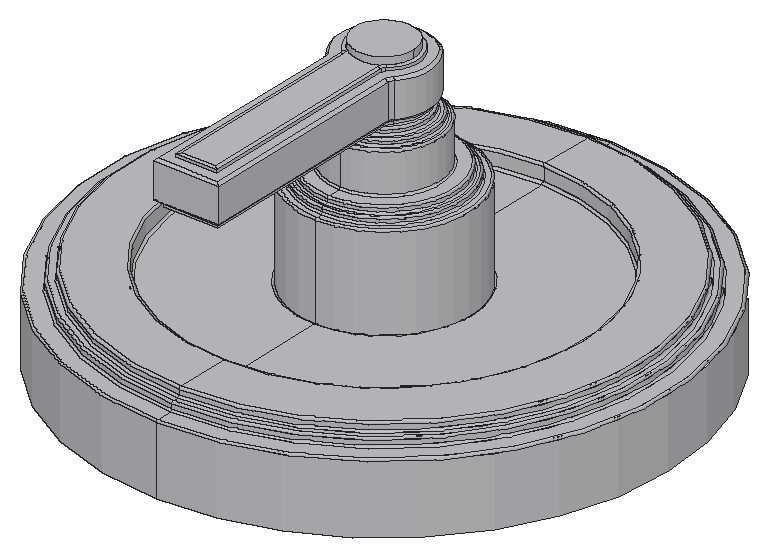
Revit family "Shower-Valve_Trim-KALLISTA-Vir_Stil-P80255_1", category Specialty Equipment, host Face, Revit 2021
Family settings
  Host = Face
  Round Connector Dimension = Use Diameter
  Part Type = Normal
  OmniClass Number = 23.31.25.00
  OmniClass Title = Toilet and Bath Specialties
  Cut with Voids When Loaded = No
  Shared = No
  Room Calculation Point = No
Parameters (values of type "CP-Chrome")
  Width = 6.62598"  # constant formula
  WaterSense Certified = 1 = 0  # no
  URL = "https://www.kallista.com/"
  Type = 1
  Product Page URL = ""
  Product Name = "Vir Stil"  # constant formula
  Product Documentation Link = ""
  Model = if(Type = 1, "P80255-LV-CP", if(Type = 2, "P80255-LV-SN", if(Type = 3, "P80255-LV-BAF", if(Type = 4, "P80255-LV-BN", "NA"))))  # "P80255-LV-CP"
  Material = "Premium Metal Construction"  # constant formula
  Master Format 2014 Name = "Toilet, Bath, and Laundry Accessories"  # constant formula
  Master Format 2014 = "10 28 00"  # constant formula
  Manufacturer Address = "444 Highland Dr. Kohler, WI 53044"  # constant formula
  Manufacturer = "Kallista Co."  # constant formula
  Length = 3.34646"  # constant formula
  Height = 6.62402"  # constant formula
  Handle Clearance = 2 7/8"  # constant formula
  Finish = Kallista-Metal-CP-Chrome
  Environmental Product Declaration = ""
  Description = "Vir Stil Minimal Thermostatic Trim, Lever Handle"  # constant formula
  Default Elevation = 42"
  Declare Label = ""
  Date Modified = "10/28/2023"  # constant formula
  Date Created = "10/28/2023"  # constant formula
  Copyright = "Copyright Kallista Co."  # constant formula
  Contact Us = "https://www.kallista.com/corporate/contact-us/"
  Assembly Code = "C1030200"
  ADA Compliant = 1 = 0  # no
Types (5): name | Type | Model | Finish
  (no name) | 1 | "P80255-LV-CP" | Kallista-Metal-CP-Chrome
  CP-Chrome | 1 | "P80255-LV-CP" | Kallista-Metal-CP-Chrome
  SN-Polished Nickel | 2 | "P80255-LV-SN" | Kallista-Metal-SN-Polished_Nickel
  BAF-Brushed French Gold | 3 | "P80255-LV-BAF" | Kallista-Metal-BAF-Brushed_French_Gold
  BN-Brushed Nickel | 4 | "P80255-LV-BN" | Kallista-Metal-BN-Brushed_Nickel
Reference planes (in)
  plane 1 "Center (Front/Back)": y = 0
  plane 2: z = 0
  plane 3 "Center (Left/Right)": x = 0
  plane 4: y = 3.31299
  plane 5: y = -3.31102
  plane 6: x = 3.31299
  plane 7: x = -3.31299
  plane 8: y = -2.875
  plane 9: y = -1
  plane 10: y = -0.61024
  plane 11: y = -0.5315
  plane 12: y = -0.34449
  plane 13: y = 0.34449
  plane 14: y = 0.5315
  plane 15: y = 0.61024
  plane 16: y = 1
  plane 17: x = -1
  plane 18: x = -0.61024
  plane 19: x = -0.5315
  plane 20: x = -0.37598
  plane 21: x = -0.34449
  plane 22: x = 0.37598
  plane 23: x = 0.5315
  plane 24: x = 0.61024
  plane 25: x = 1
  plane 26: x = 0.34449
  plane 27: x = 0.37598
  plane 28: z = 1.01969
  plane 29: z = 3.34646
  plane 30: z = 2.704
Dimensions and locks (in)
  plane 28 to level = 1.01969"  (x2)
  plane 29 to level = 3.34646"  (x2)
  "Handle Clearance": plane 1 "Center (Front/Back)" to plane 8
  plane 16 to plane 9 = 2"
  plane 15 to plane 10 = 1.22047"
  plane 17 to plane 25 = 2"
  plane 18 to plane 24 = 1.22047"
  plane 19 to plane 23 = 1.06299"
  plane 21 to plane 26 = 0.68898"
  plane 4 to plane 5 = 6.62402"
  "Width": plane 7 to plane 6
  plane 20 to plane 27 = 0.75197"
  "Height": plane 4 to plane 5
  "Length": level to plane 29
  aligned and locked: plane 2 to host face
  aligned and locked: level to host face
Automatic sketch dimensions
  host sketch curve to host sketch curve = 96"  (x2)
Nested families (in)
  nested 1: "P80255" at (0, 0, 0), type "P80255"
Definition of nested family "P80255"
  Parameters
    Material = none
    Default Elevation = 0"
  Reference planes (in)
    plane 1 "Center (Front/Back)": y = 0
    plane 2: z = 0
    plane 3 "Center (Left/Right)": x = 0
    plane 4: x = 3.31299
    plane 5: x = -3.31299
    plane 6: y = 3.31299
    plane 7: y = -3.31102
    plane 8: x = -0.37598
    plane 9: x = 0.37598
    plane 10: z = 1.01969
    plane 11: x = -1
    plane 12: x = 1
    plane 13: x = -0.61024
    plane 14: x = 0.61024
    plane 15: x = -0.5315
    plane 16: x = 0.5315
    plane 17: x = -0.34449
    plane 18: x = 0.34449
    plane 19: z = 3.34646
    plane 20: z = 2.704
    plane 21: z = 3.34748
    plane 22: y = -2.87402
    plane 23: y = 1
    plane 24: y = -1
    plane 25: y = -0.61024
    plane 26: y = 0.61024
    plane 27: y = -0.5315
    plane 28: y = 0.5315
    plane 29: y = -0.34449
    plane 30: y = 0.34449
  Forms (in)
    Revolve 1, solid, material <- "Material", detail levels medium+fine
      sketch origin (0, 0, 0) x (0, 1, 0) y (0, 0, 1)
        loop
          line (0, 2.68615) -> (-0.46574, 2.68615)
          arc (-0.46574, 2.68615) -> (-0.47966, 2.68039) -> (-0.48543, 2.66647) r 0.01969
          line (-0.48543, 2.66647) -> (-0.48543, 2.63193)
          arc (-0.48543, 2.63193) -> (-0.49136, 2.61761) -> (-0.50567, 2.61168) r 0.02024
          line (-0.50567, 2.61168) -> (-0.54653, 2.61168)
          arc (-0.54653, 2.61168) -> (-0.56045, 2.60592) -> (-0.56622, 2.592) r 0.01969
          line (-0.56622, 2.592) -> (-0.56622, 2.5607)
          arc (-0.56622, 2.5607) -> (-0.57211, 2.54647) -> (-0.58633, 2.54058) r 0.02012
          line (-0.58633, 2.54058) -> (-0.61711, 2.54058)
          arc (-0.61711, 2.54058) -> (-0.63182, 2.53449) -> (-0.63792, 2.51977) r 0.02081
          line (-0.63792, 2.51977) -> (-0.63792, 2.08162)
          arc (-0.63792, 2.08162) -> (-0.64369, 2.06769) -> (-0.65762, 2.06192) r 0.0197
          line (-0.65762, 2.06192) -> (-0.8047, 2.06192)
          arc (-0.8047, 2.06192) -> (-0.81896, 2.05601) -> (-0.82487, 2.04175) r 0.02018
          line (-0.82487, 2.04175) -> (-0.82487, 2.00341)
          arc (-0.82487, 2.00341) -> (-0.83063, 1.98952) -> (-0.84452, 1.98376) r 0.01964
          line (-0.84452, 1.98376) -> (-0.87615, 1.98376)
          arc (-0.87615, 1.98376) -> (-0.88999, 1.97803) -> (-0.89573, 1.96419) r 0.01957
          line (-0.89573, 1.96419) -> (-0.89573, 1.93073)
          arc (-0.89573, 1.93073) -> (-0.90148, 1.91684) -> (-0.91538, 1.91108) r 0.01965
          line (-0.91538, 1.91108) -> (-0.97733, 1.91108)
          arc (-0.97733, 1.91108) -> (-0.99336, 1.90444) -> (-1, 1.88842) r 0.02267
          line (-1, 1.88842) -> (-1, 0.80057)
          arc (-1, 0.80057) -> (-1.00833, 0.81452) -> (-1.02362, 0.82) r 0.02407
          line (-1.02362, 0.82) -> (-2.28866, 0.82)
          arc (-2.28866, 0.82) -> (-2.30536, 0.82692) -> (-2.31228, 0.84362) r 0.02362
          line (-2.31228, 0.84362) -> (-2.31228, 0.99606)
          arc (-2.31228, 0.99606) -> (-2.3192, 1.01277) -> (-2.3359, 1.01969) r 0.02362
          line (-2.3359, 1.01969) -> (-2.95231, 1.01969)
          arc (-2.95231, 1.01969) -> (-2.96912, 1.01272) -> (-2.97608, 0.99592) r 0.02377
          line (-2.97608, 0.99592) -> (-2.97608, 0.94367)
          arc (-2.97608, 0.94367) -> (-2.983, 0.92697) -> (-2.9997, 0.92005) r 0.02362
          line (-2.9997, 0.92005) -> (-3.06134, 0.92005)
          arc (-3.06134, 0.92005) -> (-3.07805, 0.91313) -> (-3.08497, 0.89643) r 0.02362
          line (-3.08497, 0.89643) -> (-3.08497, 0.84357)
          arc (-3.08497, 0.84357) -> (-3.09189, 0.82687) -> (-3.10859, 0.81995) r 0.02362
          line (-3.10859, 0.81995) -> (-3.2874, 0.81995)
          arc (-3.2874, 0.81995) -> (-3.3041, 0.81303) -> (-3.31102, 0.79633) r 0.02362
          line (-3.31102, 0.79633) -> (-3.31102, 0) -> (0, 0) -> (0, 2.68615)
        axis (0, 2.68615) -> (0, 0)
      angle from 0 to 360
    Sweep 2, solid, material <- "Material", detail levels medium+fine
      path origin (0, 0, 0) x (1, 0, 0) y (0, 1, 0)
        loop
          line (0.375, -2.875) -> (0.375, -0.41773)
          arc (0.375, -0.41773) -> (0.38172, -0.38055) -> (0.40102, -0.34806) r 0.1063
          arc (0.40102, -0.34806) -> (-0.004, 0.53098) -> (-0.39573, -0.35406) r 0.531
          arc (-0.39573, -0.35406) -> (-0.38036, -0.37928) -> (-0.375, -0.40832) r 0.08137
          line (-0.375, -0.40832) -> (-0.375, -2.875) -> (0.375, -2.875)
      profile origin (0.375, -1.64637, 0) x (-1, 0, 0) y (0, 0, 1)
        loop
          line (0, 3.197) -> (0, 2.797) -> (0.03, 2.767) -> (0.0625, 2.767) -> (0.0625, 2.719) -> (0.093, 2.704) -> (0.175, 2.704) -> (0.175, 3.227) -> (0.03, 3.227) -> (0, 3.197)
    Extrusion 3, solid, material <- "Material", detail levels medium+fine
      sketch origin (0, 0, 0) x (1, 0, 0) y (0, 1, 0)
        loop
          line (-0.2, -2.7) -> (0.2, -2.7) -> (0.2, -0.41773)
          arc (0.2, -0.41773) -> (0.21778, -0.31932) -> (0.26886, -0.23335) r 0.2813
          arc (0.26886, -0.23335) -> (-0.00268, 0.35599) -> (-0.26531, -0.23737) r 0.356
          arc (-0.26531, -0.23737) -> (-0.21688, -0.31682) -> (-0.2, -0.40832) r 0.25637
          line (-0.2, -0.40832) -> (-0.2, -2.7)
      from 2.704 to 3.227
    Sweep 4, solid, material <- "Material", detail levels medium+fine
      path origin (0, 0, 0) x (1, 0, 0) y (0, 1, 0)
        loop
          line (0.235, -2.735) -> (0.235, -0.33869)
          arc (0.235, -0.33869) -> (0.24022, -0.31475) -> (0.25492, -0.29515) r 0.05752
          arc (0.25492, -0.29515) -> (-0.00001, 0.39) -> (-0.25491, -0.29516) r 0.39
          arc (-0.25491, -0.29516) -> (-0.24021, -0.31474) -> (-0.235, -0.33866) r 0.05748
          line (-0.235, -0.33866) -> (-0.235, -2.735) -> (0.235, -2.735)
      profile origin (0.235, -1.53684, 0) x (-1, 0, 0) y (0, 0, 1)
        loop
          line (0, 3.227) -> (0.0745, 3.227) -> (0.0745, 3.267) -> (0.04, 3.267) -> (0, 3.26057) -> (0, 3.227)
    Extrusion 5, solid, material <- "Material", detail levels medium+fine
      sketch origin (0, 0, 0) x (1, 0, 0) y (0, 1, 0)
        loop
          line (0.1605, -2.6605) -> (0.1605, -0.33869)
          arc (0.1605, -0.33869) -> (0.17248, -0.28375) -> (0.20623, -0.23877) r 0.13202
          arc (0.20623, -0.23877) -> (-0.00001, 0.3155) -> (-0.20622, -0.23878) r 0.3155
          arc (-0.20622, -0.23878) -> (-0.17247, -0.28374) -> (-0.1605, -0.33866) r 0.13198
          line (-0.1605, -0.33866) -> (-0.1605, -2.6605) -> (0.1605, -2.6605)
      from 3.227 to 3.267
    Extrusion 6, solid, material <- "Material", detail levels medium+fine
      sketch origin (0, 0, 0) x (1, 0, 0) y (0, 1, 0)
        loop
          circle (0, 0) r 0.34333
      from 3.197 to 3.34627
    Revolve 7, solid, detail levels medium+fine
      sketch origin (0, 0, 0) x (0, 1, 0) y (0, 0, 1)
        loop
          line (0.40109, 2.68404) -> (0.40109, 2.719) -> (0, 2.719) -> (0, 2.68404) -> (0.40109, 2.68404)
        axis (0, 2.68404) -> (0, 2.72341)
      angle from 0 to 360
    Extrusion 8, solid, material <- "Material", detail levels coarse
      sketch origin (0, 0, 0) x (1, 0, 0) y (0, 1, 0)
        loop
          circle (0, 0) r 3.3125
      from 0 to 1.02
    Extrusion 9, solid, material <- "Material", detail levels coarse
      sketch origin (0, 0, 0) x (1, 0, 0) y (0, 1, 0)
        loop
          circle (0, 0) r 1.00398
      from 1.02 to 2.0605
    Extrusion 10, solid, material <- "Material", detail levels coarse
      sketch origin (0, 0, 0) x (1, 0, 0) y (0, 1, 0)
        loop
          circle (0, 0) r 0.64019
      from 2.0605 to 2.704
    Extrusion 11, solid, material <- "Material", detail levels coarse
      sketch origin (0, 0, 0) x (1, 0, 0) y (0, 1, 0)
        loop
          line (0.375, -2.875) -> (0.375, -0.41773)
          arc (0.375, -0.41773) -> (0.38172, -0.38055) -> (0.40102, -0.34806) r 0.1063
          arc (0.40102, -0.34806) -> (-0.004, 0.53098) -> (-0.39573, -0.35406) r 0.531
          arc (-0.39573, -0.35406) -> (-0.38036, -0.37928) -> (-0.375, -0.40832) r 0.08137
          line (-0.375, -0.40832) -> (-0.375, -2.875) -> (0.375, -2.875)
      from 2.704 to 3.267
    Extrusion 12, solid, material <- "Material", detail levels coarse
      sketch origin (0, 0, 0) x (1, 0, 0) y (0, 1, 0)
        loop
          circle (0, 0) r 0.34333
      from 3.267 to 3.34627
  Cuts and joins
    joined: Revolve 1, Sweep 2, Extrusion 3, Sweep 4, Extrusion 5, Extrusion 6
    joined: Extrusion 8, Extrusion 9, Extrusion 10, Extrusion 11, Extrusion 12
  Lines and regions (in)
    Masking region 1
      outline origin (0, 0, 0) x (1, 0, 0) y (0, 1, 0)
        loop
          circle (0, 0) r 3.3125
    Masking region 2
      outline origin (0, 0, 0) x (1, 0, 0) y (0, 0, 1)
        loop
          line (3.31299, 0) -> (3.31299, 0.79624)
          arc (3.31299, 0.79624) -> (3.30577, 0.81368) -> (3.28832, 0.82091) r 0.02467
          line (3.28832, 0.82091) -> (3.10657, 0.82091)
          arc (3.10657, 0.82091) -> (3.09179, 0.82703) -> (3.08566, 0.84182) r 0.02091
          line (3.08566, 0.84182) -> (3.08566, 0.8969)
          arc (3.08566, 0.8969) -> (3.07862, 0.9139) -> (3.06161, 0.92095) r 0.02405
          line (3.06161, 0.92095) -> (2.99579, 0.92095)
          arc (2.99579, 0.92095) -> (2.98186, 0.92672) -> (2.97609, 0.94065) r 0.0197
          line (2.97609, 0.94065) -> (2.97609, 0.99873)
          arc (2.97609, 0.99873) -> (2.96996, 1.01355) -> (2.95514, 1.01969) r 0.02096
          line (2.95514, 1.01969) -> (1, 1.01969) -> (1, 1.94111)
          arc (1, 1.94111) -> (0.99427, 1.95494) -> (0.98043, 1.96067) r 0.01957
          line (0.98043, 1.96067) -> (0.88046, 1.96067) -> (0.88046, 1.99158)
          arc (0.88046, 1.99158) -> (0.87278, 2.00493) -> (0.85831, 2.01021) r 0.02248
          line (0.85831, 2.01021) -> (0.82553, 2.01021) -> (0.82553, 2.04256)
          arc (0.82553, 2.04256) -> (0.81481, 2.05622) -> (0.79822, 2.06138) r 0.02923
          line (0.79822, 2.06138) -> (0.61024, 2.06138) -> (0.61024, 2.53857)
          arc (0.61024, 2.53857) -> (0.60472, 2.55278) -> (0.59069, 2.55872) r 0.01956
          line (0.59069, 2.55872) -> (0.55989, 2.55872) -> (0.55989, 2.60043)
          arc (0.55989, 2.60043) -> (0.55385, 2.61502) -> (0.53926, 2.62106) r 0.02063
          line (0.53926, 2.62106) -> (0.485, 2.62106) -> (0.485, 2.66392)
          arc (0.485, 2.66392) -> (0.47908, 2.67823) -> (0.46477, 2.68415) r 0.02023
          line (0.46477, 2.68415) -> (0.37374, 2.68415) -> (0.4065, 2.704) -> (0.438, 2.704) -> (0.46855, 2.719) -> (0.46855, 2.767) -> (0.501, 2.767) -> (0.5315, 2.7975) -> (0.5315, 3.1965) -> (0.501, 3.227) -> (0.37598, 3.227) -> (0.37598, 3.267) -> (0.34449, 3.267) -> (0.34449, 3.34748) -> (-0.34449, 3.34748) -> (-0.34449, 3.267) -> (-0.37598, 3.267) -> (-0.37598, 3.227) -> (-0.501, 3.227) -> (-0.5315, 3.1965) -> (-0.5315, 2.7975) -> (-0.501, 2.767) -> (-0.46855, 2.767) -> (-0.46855, 2.719) -> (-0.438, 2.704) -> (-0.4065, 2.704) -> (-0.37374, 2.68415) -> (-0.46477, 2.68415)
          arc (-0.46477, 2.68415) -> (-0.47908, 2.67823) -> (-0.485, 2.66392) r 0.02023
          line (-0.485, 2.66392) -> (-0.485, 2.62106) -> (-0.53926, 2.62106)
          arc (-0.53926, 2.62106) -> (-0.55385, 2.61502) -> (-0.55989, 2.60043) r 0.02063
          line (-0.55989, 2.60043) -> (-0.55989, 2.55872) -> (-0.59069, 2.55872)
          arc (-0.59069, 2.55872) -> (-0.60472, 2.55278) -> (-0.61024, 2.53857) r 0.01956
          line (-0.61024, 2.53857) -> (-0.61024, 2.06138) -> (-0.79822, 2.06138)
          arc (-0.79822, 2.06138) -> (-0.81481, 2.05622) -> (-0.82553, 2.04256) r 0.02923
          line (-0.82553, 2.04256) -> (-0.82553, 2.01021) -> (-0.85831, 2.01021)
          arc (-0.85831, 2.01021) -> (-0.87278, 2.00493) -> (-0.88046, 1.99158) r 0.02248
          line (-0.88046, 1.99158) -> (-0.88046, 1.96067) -> (-0.98043, 1.96067)
          arc (-0.98043, 1.96067) -> (-0.99427, 1.95494) -> (-1, 1.94111) r 0.01957
          line (-1, 1.94111) -> (-1, 1.01969) -> (-2.95514, 1.01969)
          arc (-2.95514, 1.01969) -> (-2.96996, 1.01355) -> (-2.97609, 0.99873) r 0.02096
          line (-2.97609, 0.99873) -> (-2.97609, 0.94065)
          arc (-2.97609, 0.94065) -> (-2.98186, 0.92672) -> (-2.99579, 0.92095) r 0.0197
          line (-2.99579, 0.92095) -> (-3.06161, 0.92095)
          arc (-3.06161, 0.92095) -> (-3.07862, 0.9139) -> (-3.08566, 0.8969) r 0.02405
          line (-3.08566, 0.8969) -> (-3.08566, 0.84182)
          arc (-3.08566, 0.84182) -> (-3.09179, 0.82703) -> (-3.10657, 0.82091) r 0.02091
          line (-3.10657, 0.82091) -> (-3.28832, 0.82091)
          arc (-3.28832, 0.82091) -> (-3.30577, 0.81368) -> (-3.31299, 0.79624) r 0.02467
          line (-3.31299, 0.79624) -> (-3.31299, 0) -> (3.31299, 0)
    Masking region 3
      outline origin (0, 0, 0) x (0, 1, 0) y (0, 0, 1)
        loop
          arc (3.31102, 0.79891) -> (3.30486, 0.81379) -> (3.28998, 0.81995) r 0.02104
          line (3.28998, 0.81995) -> (3.10475, 0.81995)
          arc (3.10475, 0.81995) -> (3.09076, 0.82574) -> (3.08497, 0.83973) r 0.01978
          line (3.08497, 0.83973) -> (3.08497, 0.89927)
          arc (3.08497, 0.89927) -> (3.07888, 0.91396) -> (3.06419, 0.92005) r 0.02078
          line (3.06419, 0.92005) -> (2.99698, 0.92005)
          arc (2.99698, 0.92005) -> (2.9822, 0.92617) -> (2.97608, 0.94095) r 0.0209
          line (2.97608, 0.94095) -> (2.97608, 0.9963)
          arc (2.97608, 0.9963) -> (2.96914, 1.01306) -> (2.95238, 1.02) r 0.0237
          line (2.95238, 1.02) -> (1, 1.02) -> (1, 1.93811)
          arc (1, 1.93811) -> (0.9935, 1.9538) -> (0.97782, 1.96029) r 0.02218
          line (0.97782, 1.96029) -> (0.88035, 1.96029) -> (0.88035, 1.99133)
          arc (0.88035, 1.99133) -> (0.87304, 2.00462) -> (0.85882, 2.00991) r 0.02176
          line (0.85882, 2.00991) -> (0.82487, 2.00991) -> (0.82487, 2.04287)
          arc (0.82487, 2.04287) -> (0.81574, 2.05554) -> (0.8009, 2.06039) r 0.02517
          line (0.8009, 2.06039) -> (0.61024, 2.06039) -> (0.61024, 2.53894)
          arc (0.61024, 2.53894) -> (0.60435, 2.55315) -> (0.59014, 2.55904) r 0.0201
          line (0.59014, 2.55904) -> (0.55699, 2.55904) -> (0.55699, 2.59871)
          arc (0.55699, 2.59871) -> (0.55049, 2.61441) -> (0.53479, 2.62091) r 0.0222
          line (0.53479, 2.62091) -> (0.48543, 2.62091) -> (0.48543, 2.66331)
          arc (0.48543, 2.66331) -> (0.47936, 2.67797) -> (0.4647, 2.68404) r 0.02073
          line (0.4647, 2.68404) -> (0.39645, 2.68404) -> (0.4685, 2.70925) -> (0.4685, 2.767) -> (0.501, 2.767) -> (0.531, 2.797) -> (0.531, 3.197) -> (0.501, 3.227) -> (0.39, 3.227) -> (0.39, 3.267) -> (0.28096, 3.267) -> (0.31007, 3.27702) -> (0.34255, 3.27702) -> (0.34255, 3.34646) -> (-0.34449, 3.34646) -> (-0.34449, 3.27702) -> (-0.31217, 3.27702) -> (-0.27913, 3.267) -> (-0.34449, 3.267) -> (-2.735, 3.267) -> (-2.735, 3.227) -> (-2.845, 3.227) -> (-2.87402, 3.19798) -> (-2.87402, 2.704) -> (-0.43925, 2.704) -> (-0.39645, 2.68404) -> (-0.4647, 2.68404)
          arc (-0.4647, 2.68404) -> (-0.47936, 2.67797) -> (-0.48543, 2.66331) r 0.02073
          line (-0.48543, 2.66331) -> (-0.48543, 2.62091) -> (-0.53479, 2.62091)
          arc (-0.53479, 2.62091) -> (-0.55049, 2.61441) -> (-0.55699, 2.59871) r 0.0222
          line (-0.55699, 2.59871) -> (-0.55699, 2.55904) -> (-0.59014, 2.55904)
          arc (-0.59014, 2.55904) -> (-0.60435, 2.55315) -> (-0.61024, 2.53894) r 0.0201
          line (-0.61024, 2.53894) -> (-0.61024, 2.06039) -> (-0.8009, 2.06039)
          arc (-0.8009, 2.06039) -> (-0.81574, 2.05554) -> (-0.82487, 2.04287) r 0.02517
          line (-0.82487, 2.04287) -> (-0.82487, 2.00991) -> (-0.85882, 2.00991)
          arc (-0.85882, 2.00991) -> (-0.87304, 2.00462) -> (-0.88035, 1.99133) r 0.02176
          line (-0.88035, 1.99133) -> (-0.88035, 1.96029) -> (-0.97782, 1.96029)
          arc (-0.97782, 1.96029) -> (-0.9935, 1.9538) -> (-1, 1.93811) r 0.02218
          line (-1, 1.93811) -> (-1, 1.02) -> (-2.95238, 1.02)
          arc (-2.95238, 1.02) -> (-2.96914, 1.01306) -> (-2.97608, 0.9963) r 0.0237
          line (-2.97608, 0.9963) -> (-2.97608, 0.94095)
          arc (-2.97608, 0.94095) -> (-2.9822, 0.92617) -> (-2.99698, 0.92005) r 0.0209
          line (-2.99698, 0.92005) -> (-3.06419, 0.92005)
          arc (-3.06419, 0.92005) -> (-3.07888, 0.91396) -> (-3.08497, 0.89927) r 0.02078
          line (-3.08497, 0.89927) -> (-3.08497, 0.83973)
          arc (-3.08497, 0.83973) -> (-3.09076, 0.82574) -> (-3.10475, 0.81995) r 0.01978
          line (-3.10475, 0.81995) -> (-3.28998, 0.81995)
          arc (-3.28998, 0.81995) -> (-3.30486, 0.81379) -> (-3.31102, 0.79891) r 0.02104
          line (-3.31102, 0.79891) -> (-3.31102, 0) -> (3.31299, 0) -> (3.31299, 0.79891)
    symbolic lines, detail levels medium+fine
      curve 1: circle (0, 0, 0) r 3.08518 normal (0, 0, 1)
      curve 2: circle (0, 0, 0) r 2.98132 normal (0, 0, 1)
      curve 3: circle (0, 0, 0) r 3.30069 normal (0, 0, 1)
      curve 4: circle (0, 0, 0) r 3.09699 normal (0, 0, 1)
      curve 5: circle (0, 0, 0) r 3.07337 normal (0, 0, 1)
      curve 6: circle (0, 0, 0) r 2.99313 normal (0, 0, 1)
      curve 7: circle (0, 0, 0) r 2.96951 normal (0, 0, 1)
      curve 8: arc (0.37598, -2.28173, 0) -> (0, 2.3125, 0) -> (-0.37598, -2.28173, 0) r 2.3125
      curve 9: arc (0.37598, -2.2937, 0) -> (0, 2.32431, 0) -> (-0.37598, -2.2937, 0) r 2.32431
      curve 10: line (-0.37598, -0.39161, 0) -> (-0.37598, -2.875, 0)
      curve 11: line (0.37598, -0.38985, 0) -> (0.37598, -2.875, 0)
      curve 12: line (-0.37598, -2.875, 0) -> (0.37598, -2.875, 0)
      curve 13: line (-0.345, -2.845, 0) -> (0.345, -2.845, 0)
      curve 14: line (-0.345, -0.40085, 0) -> (-0.345, -2.845, 0)
      curve 15: line (0.345, -2.845, 0) -> (0.345, -0.40085, 0)
      curve 16: line (-0.345, -2.845, 0) -> (-0.375, -2.875, 0)
      curve 17: line (0.345, -2.845, 0) -> (0.37408, -2.87408, 0)
      curve 18: line (-0.235, -0.34073, 0) -> (-0.235, -2.735, 0)
      curve 19: line (-0.22, -0.34073, 0) -> (-0.22, -2.72, 0)
      curve 20: line (-0.22, -2.72, 0) -> (0.22, -2.72, 0)
      curve 21: line (-0.235, -2.735, 0) -> (0.235, -2.735, 0)
      curve 22: line (0.22, -2.72, 0) -> (0.22, -0.34073, 0)
      curve 23: line (0.235, -2.735, 0) -> (0.235, -0.34073, 0)
      curve 24: arc (0.25626, -0.29399, 0) -> (0, 0.39, 0) -> (-0.25626, -0.29399, 0) r 0.39
      curve 25: arc (-0.2464, -0.28268, 0) -> (-0.35116, 0.13157, 0) -> (0, 0.375, 0) r 0.375
      curve 26: arc (-0.235, -0.34073, 0) -> (-0.24057, -0.31505, 0) -> (-0.25626, -0.29399, 0) r 0.062
      curve 27: arc (-0.2464, -0.28268, 0) -> (-0.22691, -0.30884, 0) -> (-0.22, -0.34073, 0) r 0.077
      curve 28: arc (0.22, -0.34073, 0) -> (0.22691, -0.30884, 0) -> (0.2464, -0.28268, 0) r 0.077
      curve 29: arc (0.25626, -0.29399, 0) -> (0.24057, -0.31505, 0) -> (0.235, -0.34073, 0) r 0.062
      curve 30: arc (0, 0.375, 0) -> (0.35116, 0.13157, 0) -> (0.2464, -0.28268, 0) r 0.375
      curve 31: circle (0, 0, 0) r 0.34099 normal (0, 0, 1)
      curve 32: arc (-0.3692, -0.33866, 0) -> (-0.45862, 0.20166, 0) -> (0, 0.501, 0) r 0.501
      curve 33: arc (0.39131, -0.35894, 0) -> (0, 0.531, 0) -> (-0.39131, -0.35894, 0) r 0.531
      curve 34: arc (-0.3692, -0.33866, 0) -> (-0.35126, -0.36748, 0) -> (-0.345, -0.40085, 0) r 0.092
      curve 35: arc (-0.37598, -0.38985, 0) -> (-0.38145, -0.3733, 0) -> (-0.39131, -0.35894, 0) r 0.062
      curve 36: arc (0.345, -0.40085, 0) -> (0.35126, -0.36748, 0) -> (0.3692, -0.33866, 0) r 0.092
      curve 37: arc (0, 0.501, 0) -> (0.45862, 0.20166, 0) -> (0.3692, -0.33866, 0) r 0.501
      curve 38: arc (0.39131, -0.35894, 0) -> (0.38145, -0.3733, 0) -> (0.37598, -0.38985, 0) r 0.062
      curve 39: arc (0.37598, -0.41847, 0) -> (0, 0.56257, 0) -> (-0.37598, -0.41847, 0) r 0.56257
      curve 40: arc (0.375, -0.39255, 0) -> (0.00068, 0.54288, 0) -> (-0.37598, -0.39161, 0) r 0.54288
      curve 41: arc (0.37598, -0.47965, 0) -> (0, 0.60945, 0) -> (-0.37598, -0.47965, 0) r 0.60945
      curve 42: arc (0.37598, -0.4554, 0) -> (0, 0.59055, 0) -> (-0.37598, -0.4554, 0) r 0.59055
      curve 43: arc (0.37598, -0.7118, 0) -> (0, 0.805, 0) -> (-0.37598, -0.7118, 0) r 0.805
      curve 44: arc (0.37598, -0.73396, 0) -> (0, 0.82466, 0) -> (-0.37598, -0.73396, 0) r 0.82466
      curve 45: arc (0.37598, -0.77529, 0) -> (0, 0.86165, 0) -> (-0.37598, -0.77529, 0) r 0.86165
      curve 46: arc (0.37598, -0.79868, 0) -> (0, 0.88276, 0) -> (-0.37598, -0.79868, 0) r 0.88276
      curve 47: arc (0.37598, -0.90961, 0) -> (0, 0.98425, 0) -> (-0.37598, -0.90961, 0) r 0.98425
      curve 48: arc (0.37598, -0.93092, 0) -> (0, 1.00398, 0) -> (-0.37598, -0.93092, 0) r 1.00398
      curve 49: line (0.34449, 0, 3.267) -> (-0.34449, 0, 3.267)
      curve 50: line (0.34449, 0, 3.27993) -> (-0.34449, 0, 3.27993)
      curve 51: line (0.37598, 0, 3.252) -> (-0.37598, 0, 3.252)
      curve 52: line (0.5315, 0, 3.1965) -> (-0.5315, 0, 3.1965)
      curve 53: line (0.5315, 0, 2.7975) -> (-0.5315, 0, 2.7975)
      curve 54: line (0.46855, 0, 2.767) -> (-0.46855, 0, 2.767)
      curve 55: line (0.46855, 0, 2.719) -> (-0.46855, 0, 2.719)
      curve 56: line (0.4065, 0, 2.704) -> (-0.4065, 0, 2.704)
      curve 57: line (0.37374, 0, 2.68415) -> (-0.37374, 0, 2.68415)
      curve 58: line (0.485, 0, 2.66392) -> (-0.485, 0, 2.66392)
      curve 59: line (0.485, 0, 2.62106) -> (-0.485, 0, 2.62106)
      curve 60: line (0.55989, 0, 2.60043) -> (-0.55989, 0, 2.60043)
      curve 61: line (0.55989, 0, 2.55872) -> (-0.55989, 0, 2.55872)
      curve 62: line (0.61024, 0, 2.53857) -> (-0.61024, 0, 2.53857)
      curve 63: line (0.61024, 0, 2.06138) -> (-0.61024, 0, 2.06138)
      curve 64: line (0.82553, 0, 2.04256) -> (-0.82553, 0, 2.04256)
      curve 65: line (0.82553, 0, 2.01021) -> (-0.82553, 0, 2.01021)
      curve 66: line (0.88046, 0, 1.99158) -> (-0.88046, 0, 1.99158)
      curve 67: line (0.88046, 0, 1.96067) -> (-0.88046, 0, 1.96067)
      curve 68: line (1, 0, 1.94111) -> (-1, 0, 1.94111)
      curve 69: line (1, 0, 1.01969) -> (-1, 0, 1.01969)
      curve 70: line (3.31299, 0, 0.79624) -> (-3.31299, 0, 0.79624)
      curve 71: line (-3.10657, 0, 0.82091) -> (3.10657, 0, 0.82091)
      curve 72: line (3.08566, 0, 0.84182) -> (-3.08566, 0, 0.84182)
      curve 73: line (-3.08566, 0, 0.8969) -> (3.08566, 0, 0.8969)
      curve 74: line (2.99579, 0, 0.92095) -> (-2.99579, 0, 0.92095)
      curve 75: line (-2.97609, 0, 0.94065) -> (2.97609, 0, 0.94065)
      curve 76: line (2.97609, 0, 0.99873) -> (-2.97609, 0, 0.99873)
      curve 77: line (0.37598, 0, 3.227) -> (-0.37598, 0, 3.227)
      curve 78: line (0, -3.10475, 0.81995) -> (0, 3.10475, 0.81995)
      curve 79: line (0, 3.31299, 0.79891) -> (0, -3.3125, 0.79891)
      curve 80: line (0, -3.08497, 0.83973) -> (0, 3.08497, 0.83973)
      curve 81: line (0, 3.08497, 0.89927) -> (0, -3.08497, 0.89927)
      curve 82: line (0, -2.99698, 0.92005) -> (0, 2.99698, 0.92005)
      curve 83: line (0, 2.97608, 0.94095) -> (0, -2.97608, 0.94095)
      curve 84: line (0, -2.97608, 0.9963) -> (0, 2.97608, 0.9963)
      curve 85: line (0, 1, 1.02) -> (0, -1, 1.02)
      curve 86: line (0, -1, 1.93811) -> (0, 1, 1.93811)
      curve 87: line (0, -0.88035, 1.96029) -> (0, 0.88035, 1.96029)
      curve 88: line (0, -0.82487, 2.00991) -> (0, 0.82487, 2.00991)
      curve 89: line (0, -0.61024, 2.06039) -> (0, 0.61024, 2.06039)
      curve 90: line (0, -0.82487, 2.04287) -> (0, 0.82487, 2.04287)
      curve 91: line (0, -0.88035, 1.99133) -> (0, 0.88035, 1.99133)
      curve 92: line (0, -0.43925, 2.704) -> (0, 0.45136, 2.704)
      curve 93: line (0, -0.39645, 2.68404) -> (0, 0.39645, 2.68404)
      curve 94: line (0, -0.48543, 2.66331) -> (0, 0.48543, 2.66331)
      curve 95: line (0, -0.48543, 2.62091) -> (0, 0.48543, 2.62091)
      curve 96: line (0, -0.55699, 2.59871) -> (0, 0.55699, 2.59871)
      curve 97: line (0, -0.55699, 2.55904) -> (0, 0.55699, 2.55904)
      curve 98: line (0, -0.61024, 2.53894) -> (0, 0.61024, 2.53894)
      curve 99: line (0, 0.4685, 2.719) -> (0, -2.87402, 2.719)
      curve 100: line (0, -2.875, 2.767) -> (0, 0.4685, 2.767)
      curve 101: line (0, -2.875, 2.797) -> (0, 0.531, 2.797)
      curve 102: line (0, 0.31007, 3.27702) -> (0, -0.34449, 3.27702)
      curve 103: line (0, 0.39, 3.252) -> (0, -2.735, 3.252)
      curve 104: line (0, -2.735, 3.227) -> (0, 0.39, 3.227)
      curve 105: line (0, 0.531, 3.197) -> (0, -2.87507, 3.197)
      curve 106: line (0, -0.28691, 3.267) -> (0, 0.28096, 3.267)
  Dimensions and locks (in)
    plane 5 to plane 4 = 6.62598"
    plane 7 to plane 6 = 6.62402"
    plane 8 to plane 9 = 0.75197"
    plane 10 to level = 1.01969"
    plane 18 to plane 17 = 0.68898"
    plane 12 to plane 11 = 2"
    plane 14 to plane 13 = 1.22047"
    plane 16 to plane 15 = 1.06299"
    plane 19 to level = 3.34646"
    plane 20 to level = 2.704"
    plane 1 "Center (Front/Back)" to plane 7 = 3.31102"
    plane 1 "Center (Front/Back)" to plane 22 = 2.87402"
    aligned and locked: plane 2 to level
